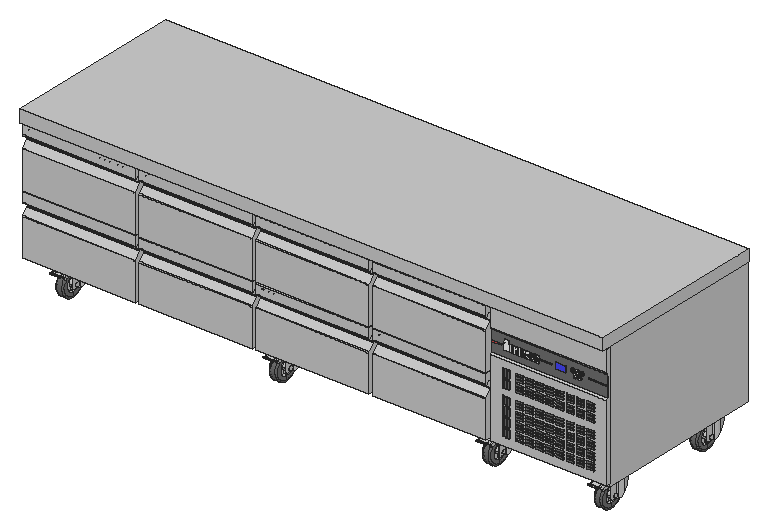
Revit family "QF_INOMAK_PWDP7777_250528083448", category Specialty Equipment, Revit 2021
Family settings
  Round Connector Dimension = Use Diameter
  Part Type = Normal
  OmniClass Number = 23.40.40.14
  OmniClass Title = Food Service Equipment
  Work Plane-Based = No
  Always vertical = Yes
  Cut with Voids When Loaded = No
  Shared = No
  Room Calculation Point = No
Parameters (values of type "PWDP7777")
  Weight [instance] = 158.00 kg
  Warranty Start Date [instance] = ""
  Warranty Duration [instance] = ""
  Volts [instance] = 230 V
  Volt Free Conn [instance] = no
  URL Recommended Spares List [instance] = ""
  URL Manufacturer [instance] = ""
  URL Cutsheet [instance] = ""
  URL Critical Spares List [instance] = ""
  URL = "www.inomak.com"
  Technical Documentation [instance] = ""
  Tag Number [instance] = ""
  Status [instance] = ""
  Start Up Current [instance] = 0 A
  Specification by User [instance] = ""
  Specification by Manufacturer [instance] = ""
  Sound Level [instance] = ""
  Show Logo [instance] = yes
  Show Clearances [instance] = yes
  Service Life Duration [instance] = ""
  Serial Number [instance] = ""
  Seismic Rating [instance] = ""
  SMACNA No [instance] = ""
  Revision Code [instance] = ""
  Revision [instance] = ""
  Production Year [instance] = ""
  Potential Equalisation [instance] = no
  Point Load [instance] = 0
  Phase [instance] = 1
  Other Equipment Approvals [instance] = ""
  Operational Current [instance] = 0 A
  Number of Poles [instance] = 2
  No Load Power Draw [instance] = no
  NAFEM Spec ID Number [instance] = ""
  Model Warning [instance] = ""
  Model = "PWDP7777"
  Min Ckt Ampacity [instance] = 0 A
  Max Overcurrent Protection [instance] = 10 A
  Masterspec [instance] = ""
  Manufacturer = "INOMAK"
  Main switch integrated [instance] = no
  Length Actual [instance] = 2242.058 mm
  Item Number [instance] = ""
  Installed By [instance] = ""
  Installation Date [instance] = ""
  Identify Quantity as Lot [instance] = no
  ID [instance] = ""
  Hygiene Approval [instance] = ""
  Height Actual [instance] = 643.128 mm
  HP power [instance] = ""
  Furnished By [instance] = ""
  Foodservice Equipment Identifier [instance] = no
  FL Amps [instance] = 1.49 A
  Electrical Remarks [instance] = ""
  Electric power [instance] = 340 W
  Electric Connection Type [instance] = ""
  Elec Conn RI Height [instance] = 0 mm
  Elec Conn Connection Height [instance] = 0 mm
  ETL Approved [instance] = no
  Description = "POPULUS CHEF’S BASE COUNTER WITH 4 GN 1/1 DOORS"
  Depth Actual [instance] = 700.024 mm
  Default Elevation = 0 mm
  Cycle [instance] = 50 Hz
  Cost = 0
  Connection to energy optimisation system [instance] = yes
  Conn Plug [instance] = ""
  Conn Conduit [instance] = no
  Centralized building control system with digital interface [instance] = ""
  CSI MasterFormat [instance] = ""
  CE Approved [instance] = no
  Barcode [instance] = 0
  Author [instance] = ""
  Asset Identifier [instance] = ""
  Apparent Power [instance] = 340 VA
  Accessory [instance] = no
Reference planes
  plane 1 "Center (Front/Back)": y = 0
  plane 2: z = 0
  plane 3 "Center (Left/Right)": x = 0
Forms (mm)
  Extrusion 1, solid, not visible
    sketch origin (1835.09, -100.005, 132.006) x (1, 0, 0) y (0, 1, 0)
      loop
        line (-2, 2) -> (-2, -2) -> (2, -2) -> (2, 2) -> (-2, 2)
    from -2 to 2
Dimensions and locks
  locked: nested 2 to Extrusion 1 at 2  (x2)
  aligned and locked: level to plane 2
Nested families
  nested 1: "QF_INOMAK_REF_BASE_COUNTERS_2240_2920" at (0, 0, 130), type "PWDP7777"
    with Weight 158.00 kg, Warranty Start Date "", Warranty Duration "", URL Cutsheet "", Technical Documentation "", Tag Number "", Status "", Specification by User "", Specification by Manufacturer "", Sound Level "", Solid Fuel Type "", Show Clearances yes, Show Clearance yes, Service Life Duration "", Serial Number "", Seismic Rating "", SMACNA No "", Revision Code "", Revision "", Production Year "", Point Load 0, Other Equipment Approvals "", NAFEM Spec ID Number "", Model Warning "", Masterspec "", Length Actual 2242.058 mm, Item Number "", Installed By "", Installation Date "", Identify Quantity as Lot yes, ID "", Hygiene Approval "", Height Actual 643.128 mm, Furnished By "", Foodservice Equipment Identifier yes, Finish none, ETL Approved yes, Depth Actual 700.024 mm, CSI MasterFormat "", CE Approved yes, Barcode "", Author "", Asset Identifier "", Accessory no
  nested 2: "CONN_POINT_ELE_2D___Generic_Annotation" at (1835.09, -100.005, 130.006), type "CONN_POINT_ELE_2D___Generic_Annotation"
    with Onboard connection annotation symbol visibility yes
  nested 3: "QF_INOMAK_REF_COUNTERS_DOORS_DRAWERS_6522" at (0, -700, 130), type "DW-2-483"
    with Weight 0.00 kg, Warranty Start Date "", Warranty Duration "", URL Cutsheet "", Top inset 10 mm, Technical Documentation "", Tag Number "", Status "", Specification by User "", Specification by Manufacturer "", Sound Level "", Solid Fuel Type "", Show Logo yes, Show Clearances yes, Service Life Duration "", Serial Number "", Seismic Rating "", SMACNA No "", Right panel thickness 0 mm, Revision Code "", Revision "", Rear inset 0 mm, Production Year "", Point Load 0, Plinth height 0 mm, Other Equipment Approvals "", NAFEM Spec ID Number "", Model Warning "", Masterspec "", Length Actual 435.102 mm, Left panel thickness 0 mm, Item Number "", Installed By "", Installation Date "", Identify Quantity as Lot yes, ID "", Hygiene Approval "", Height Actual 483.108 mm, Furnished By "", Front inset 10 mm, Foodservice Equipment Identifier yes, Finish none, ETL Approved yes, Doors drawers type 4, Depth Actual 80.01 mm, CSI MasterFormat "", CE Approved yes, Bottom inset 10 mm, Barcode "", Author "", Asset Identifier "", Accessory yes
  nested 4: "QF_INOMAK_REF_COUNTERS_DOORS_DRAWERS_16014" at (450, -700, 130), type "DW-2-483"
    with Weight 0.00 kg, Warranty Start Date "", Warranty Duration "", URL Cutsheet "", Top inset 10 mm, Technical Documentation "", Tag Number "", Status "", Specification by User "", Specification by Manufacturer "", Sound Level "", Solid Fuel Type "", Show Logo yes, Show Clearances yes, Service Life Duration "", Serial Number "", Seismic Rating "", SMACNA No "", Right panel thickness 0 mm, Revision Code "", Revision "", Rear inset 0 mm, Production Year "", Point Load 0, Plinth height 0 mm, Other Equipment Approvals "", NAFEM Spec ID Number "", Model Warning "", Masterspec "", Length Actual 435.102 mm, Left panel thickness 0 mm, Item Number "", Installed By "", Installation Date "", Identify Quantity as Lot yes, ID "", Hygiene Approval "", Height Actual 483.108 mm, Furnished By "", Front inset 10 mm, Foodservice Equipment Identifier yes, Finish none, ETL Approved yes, Doors drawers type 4, Depth Actual 80.01 mm, CSI MasterFormat "", CE Approved yes, Bottom inset 10 mm, Barcode "", Author "", Asset Identifier "", Accessory yes
  nested 5: "QF_INOMAK_REF_COUNTERS_DOORS_DRAWERS_25485" at (900, -700, 130), type "DW-2-483"
    with Weight 0.00 kg, Warranty Start Date "", Warranty Duration "", URL Cutsheet "", Top inset 10 mm, Technical Documentation "", Tag Number "", Status "", Specification by User "", Specification by Manufacturer "", Sound Level "", Solid Fuel Type "", Show Logo yes, Show Clearances yes, Service Life Duration "", Serial Number "", Seismic Rating "", SMACNA No "", Right panel thickness 0 mm, Revision Code "", Revision "", Rear inset 0 mm, Production Year "", Point Load 0, Plinth height 0 mm, Other Equipment Approvals "", NAFEM Spec ID Number "", Model Warning "", Masterspec "", Length Actual 435.102 mm, Left panel thickness 0 mm, Item Number "", Installed By "", Installation Date "", Identify Quantity as Lot yes, ID "", Hygiene Approval "", Height Actual 483.108 mm, Furnished By "", Front inset 10 mm, Foodservice Equipment Identifier yes, Finish none, ETL Approved yes, Doors drawers type 4, Depth Actual 80.01 mm, CSI MasterFormat "", CE Approved yes, Bottom inset 10 mm, Barcode "", Author "", Asset Identifier "", Accessory yes
  nested 6: "QF_INOMAK_REF_COUNTERS_DOORS_DRAWERS_34956" at (1350, -700, 130), type "DW-2-483"
    with Weight 0.00 kg, Warranty Start Date "", Warranty Duration "", URL Cutsheet "", Top inset 10 mm, Technical Documentation "", Tag Number "", Status "", Specification by User "", Specification by Manufacturer "", Sound Level "", Solid Fuel Type "", Show Logo yes, Show Clearances yes, Service Life Duration "", Serial Number "", Seismic Rating "", SMACNA No "", Right panel thickness 0 mm, Revision Code "", Revision "", Rear inset 0 mm, Production Year "", Point Load 0, Plinth height 0 mm, Other Equipment Approvals "", NAFEM Spec ID Number "", Model Warning "", Masterspec "", Length Actual 435.102 mm, Left panel thickness 0 mm, Item Number "", Installed By "", Installation Date "", Identify Quantity as Lot yes, ID "", Hygiene Approval "", Height Actual 483.108 mm, Furnished By "", Front inset 10 mm, Foodservice Equipment Identifier yes, Finish none, ETL Approved yes, Doors drawers type 4, Depth Actual 80.01 mm, CSI MasterFormat "", CE Approved yes, Bottom inset 10 mm, Barcode "", Author "", Asset Identifier "", Accessory yes
  nested 7: "QF_INOMAK_REF_COUNTERS_WORKTOPS_44427" at (0, 0, 612), type "WTWT-2240-700"
    with Worktop without backsplash yes, Worktop with backsplash no, Worktop type 3, Worktop thickness 46 mm, Without worktop no, Weight 0.00 kg, Warranty Start Date "", Warranty Duration "", URL Cutsheet "", Technical Documentation "", Tag Number "", Status "", Specification by User "", Specification by Manufacturer "", Sound Level "", Solid Fuel Type "", Show Logo yes, Show Clearances yes, Service Life Duration "", Serial Number "", Seismic Rating "", SMACNA No "", Revision Code "", Revision "", Production Year "", Point Load 0, Other Equipment Approvals "", NAFEM Spec ID Number "", Model Warning "", Masterspec "", Length Actual 2242.058 mm, Item Number "", Installed By "", Installation Date "", Identify Quantity as Lot yes, ID "", Hygiene Approval "", Height Actual 45.974 mm, Height AFF 0 mm, Furnished By "", Foodservice Equipment Identifier yes, Finish none, ETL Approved yes, Depth Actual 700.024 mm, CSI MasterFormat "", CE Approved yes, Barcode "", Backsplash thickness 20 mm, Backsplash height 60 mm, Author "", Asset Identifier "", Accessory yes
  nested 8: "QF_INOMAK_REF_COUNTERS_CASTORS_46256" at (0, 0, 0), type "CT-2240-700"
    with Weight 0.00 kg, Warranty Start Date "", Warranty Duration "", URL Cutsheet "", Technical Documentation "", Tag Number "", Status "", Specification by User "", Specification by Manufacturer "", Sound Level "", Solid Fuel Type "", Show Logo yes, Show Clearances yes, Service Life Duration "", Serial Number "", Seismic Rating "", SMACNA No "", Revision Code "", Revision "", Production Year "", Point Load 0, Other Equipment Approvals "", NAFEM Spec ID Number "", Model Warning "", Masterspec "", Length Actual 2242.058 mm, Item Number "", Installed By "", Installation Date "", Identify Quantity as Lot yes, ID "", Hygiene Approval "", Height Actual 130.048 mm, Furnished By "", Foodservice Equipment Identifier yes, ETL Approved yes, Depth Actual 700.024 mm, CSI MasterFormat "", CE Approved yes, Barcode "", Author "", Asset Identifier "", Accessory yes
Connectors
  electrical at (1835.09, -100.005, 130.006), driven by "Apparent Power", driven by "Number of Poles", driven by "Volts"
    settings: on Extrusion 1, index 1, voltage 230 V, apparent load 0 VA, apparent load phase1 340 VA, apparent load phase2 0 VA, apparent load phase3 0 VA, power factor 1, load classification "Other", number of poles 2, system type 31, power factor state 1, is connector primary yes, connector utility no, sub classification motor no, connector description "Electrical connection for PWDP7777"
Definition of nested family "QF_INOMAK_REF_BASE_COUNTERS_2240_2920"
  Parameters (values of type "PWDP7777")
    Weight [instance] = 0.00 kg
    Warranty Start Date [instance] = ""
    Warranty Duration [instance] = ""
    URL Cutsheet [instance] = ""
    URL = "www.inomak.com"
    Technical Documentation [instance] = ""
    Tag Number [instance] = ""
    Status [instance] = ""
    Specification by User [instance] = ""
    Specification by Manufacturer [instance] = ""
    Sound Level [instance] = ""
    Solid Fuel Type [instance] = ""
    Show Logo = yes
    Show Clearances [instance] = yes
    Show Clearance [instance] = yes
    Service Life Duration [instance] = ""
    Serial Number [instance] = ""
    Seismic Rating [instance] = ""
    SMACNA No [instance] = ""
    Revision Code [instance] = ""
    Revision [instance] = ""
    Production Year [instance] = ""
    Point Load [instance] = 0
    Other Equipment Approvals [instance] = ""
    NAFEM Spec ID Number [instance] = ""
    Model Warning [instance] = ""
    Model = "PWDP7777"
    Masterspec [instance] = ""
    Manufacturer = "INOMAK"
    Length Actual [instance] = 0 mm
    Length = 2242 mm
    Item Number [instance] = ""
    Installed By [instance] = ""
    Installation Date [instance] = ""
    Identify Quantity as Lot [instance] = yes
    ID [instance] = ""
    Hygiene Approval [instance] = ""
    Height Actual [instance] = 0 mm
    Height = 482 mm
    Furnished By [instance] = ""
    Foodservice Equipment Identifier [instance] = yes
    Finish [instance] = none
    ETL Approved [instance] = yes
    Description = "POPULUS CHEF’S BASE COUNTER WITH 4 GN 1/1 DOORS"
    Depth Actual [instance] = 0 mm
    Depth = 700 mm
    Default Elevation = 0 mm
    CSI MasterFormat [instance] = ""
    CE Approved [instance] = yes
    Barcode [instance] = ""
    Author [instance] = ""
    Asset Identifier [instance] = ""
    Assembly Code = "E1090320"
    Accessory [instance] = yes
  Reference planes
    plane 1 "Back": y = 0
    plane 2: z = 0
    plane 3 "Left": x = 0
    plane 4 "Right": x = 2242
    plane 5 "Front": y = -700
    plane 6 "Top": z = 482
  Forms (mm)
    Extrusion 1, solid, material <- "Finish"
      sketch origin (0, 0, 0) x (1, 0, 0) y (0, 1, 0)
        loop
          line (0, -648) -> (30, -648) -> (30, -30) -> (1767, -30) -> (1767, -648) -> (1797, -648) -> (1797, -665) -> (2242, -665) -> (2242, 0) -> (0, 0) -> (0, -648)
      from 0 to 482
    Extrusion 2, solid, material <- "Finish"
      sketch origin (0, 0, 0) x (1, 0, 0) y (0, 1, 0)
        loop
          line (30, -30) -> (30, -648) -> (1767, -648) -> (1767, -30) -> (30, -30)
      from 0 to 45
    Extrusion 3, solid, material <- "Finish"
      sketch origin (0, 0, 482) x (0, 1, 0) y (-1, 0, 0)
        loop
          line (-30, -30) -> (-648, -30) -> (-648, -1767) -> (-30, -1767) -> (-30, -30)
      from 0 to -30
    Extrusion 4, solid, material <- "Finish"
      sketch origin (2242, 0, 0) x (0, -1, 0) y (0, 0, 1)
        loop
          line (683.05, 477) -> (665, 477) -> (665, 10) -> (683.05, 10) -> (683.05, 304.058) -> (676.05, 311.058) -> (676.05, 390.864) -> (683.05, 397.864) -> (683.05, 477)
      from 0 to 445
    Extrusion 5, solid
      sketch origin (0, -700, 0) x (-1, 0, 0) y (0, 0, 1)
        loop
          circle (-2108.654, 358.73) r 6.965
        loop
          circle (-2125.685, 358.73) r 6.965
        loop
          circle (-2142.694, 358.73) r 6.965
        loop
          circle (-2117.18, 340.729) r 6.965
        loop
          circle (-2134.189, 340.729) r 6.965
        loop
          circle (-2108.654, 358.73) r 3.965
        loop
          circle (-2125.685, 358.73) r 3.965
        loop
          circle (-2142.694, 358.73) r 3.965
        loop
          circle (-2117.18, 340.729) r 3.965
        loop
          circle (-2134.189, 340.729) r 3.965
      from 23 to 25.5
    Extrusion 6, solid
      sketch origin (0, -700, 0) x (-1, 0, 0) y (0, 0, 1)
        loop
          line (-2080.865, 362.461) -> (-2080.865, 339.461) -> (-2040.865, 339.461) -> (-2040.865, 362.461) -> (-2080.865, 362.461)
      from 23 to 25.5
    Extrusion 7, solid
      sketch origin (0, -700, 0) x (-1, 0, 0) y (0, 0, 1)
        loop
          line (-1797, 390.864) -> (-2242, 390.864) -> (-2242, 311.058) -> (-1797, 311.058) -> (-1797, 390.864)
      from 23.5 to 25.5
    Extrusion 8, solid, visible <- "Show Logo"
      sketch origin (0, -700, 0) x (-1, 0, 0) y (0, 0, 1)
        loop
          line (-1841.061, 363.01) -> (-1847.061, 363.01) -> (-1847.061, 374.118) -> (-1861.298, 374.118) -> (-1861.298, 363.01) -> (-1867.298, 363.01) -> (-1867.298, 336.76) -> (-1841.061, 336.76) -> (-1841.061, 363.01)
        loop
          line (-1871.613, 362.698) -> (-1878.903, 362.698) -> (-1878.903, 336.76) -> (-1871.613, 336.76) -> (-1871.613, 362.698)
        loop
          line (-1881.422, 336.76) -> (-1881.422, 362.698) -> (-1888.256, 362.698) -> (-1891.449, 350.78) -> (-1891.449, 362.698) -> (-1897.982, 362.698) -> (-1897.982, 336.76) -> (-1891.449, 336.76) -> (-1887.735, 350.623) -> (-1887.735, 336.76) -> (-1881.422, 336.76)
        loop
          line (-1918.664, 336.76) -> (-1918.664, 362.698) -> (-1927.626, 362.698) -> (-1929.988, 348.688) -> (-1932.35, 362.698) -> (-1941.312, 362.698) -> (-1941.312, 336.76) -> (-1934.687, 336.76) -> (-1934.687, 350.623) -> (-1932.35, 336.76) -> (-1927.626, 336.76) -> (-1925.289, 350.623) -> (-1925.289, 336.76) -> (-1918.664, 336.76)
        loop
          line (-1903.851, 362.698) -> (-1913.176, 362.698)
          arc (-1913.176, 362.698) -> (-1915.773, 361.622) -> (-1916.849, 359.026) r 3.672
          line (-1916.849, 359.026) -> (-1916.849, 340.433)
          arc (-1916.849, 340.433) -> (-1915.773, 337.836) -> (-1913.176, 336.76) r 3.672
          line (-1913.176, 336.76) -> (-1903.851, 336.76)
          arc (-1903.851, 336.76) -> (-1901.255, 337.836) -> (-1900.179, 340.433) r 3.672
          line (-1900.179, 340.433) -> (-1900.179, 359.026)
          arc (-1900.179, 359.026) -> (-1901.255, 361.622) -> (-1903.851, 362.698) r 3.672
        loop
          arc (-1907.487, 359.542) -> (-1908.514, 360.569) -> (-1909.541, 359.542) r 1.027
          line (-1909.541, 359.542) -> (-1909.541, 340.949)
          arc (-1909.541, 340.949) -> (-1908.514, 339.922) -> (-1907.487, 340.949) r 1.027
          line (-1907.487, 340.949) -> (-1907.487, 359.542)
        loop
          line (-1942.382, 336.76) -> (-1946.755, 362.698) -> (-1955.615, 362.698) -> (-1959.988, 336.76) -> (-1953.461, 336.76) -> (-1952.852, 341.723) -> (-1949.518, 341.723) -> (-1948.909, 336.76) -> (-1942.382, 336.76)
        loop
          line (-1950.074, 346.252) -> (-1951.185, 355.299) -> (-1952.296, 346.252) -> (-1950.074, 346.252)
        loop
          line (-1960.954, 336.76) -> (-1960.954, 362.698) -> (-1967.579, 362.698) -> (-1967.579, 353.585) -> (-1970.365, 362.698) -> (-1977.803, 362.698) -> (-1973.474, 351.422) -> (-1978.522, 336.76) -> (-1970.939, 336.76) -> (-1967.579, 349.3) -> (-1967.579, 336.76) -> (-1960.954, 336.76)
      from 23 to 25.5
    Extrusion 9, solid
      sketch origin (0, -700, 0) x (-1, 0, 0) y (0, 0, 1)
        loop
          line (-1797, 352.961) -> (-1833.995, 352.961) -> (-1833.995, 348.961) -> (-1797, 348.961) -> (-1797, 352.961)
        loop
          line (-1982, 352.961) -> (-2026.365, 352.961) -> (-2026.365, 348.961) -> (-1982, 348.961) -> (-1982, 352.961)
        loop
          line (-2242, 352.961) -> (-2242, 348.961) -> (-2168.755, 348.961) -> (-2168.755, 352.961) -> (-2242, 352.961)
      from 23 to 25.5
  Cuts and joins
    joined: Extrusion 1, Extrusion 2, Extrusion 3
  Lines and regions (mm)
    symbolic lines, visible <- "Show Clearance"
      curve 1: line (0, 0, 0) -> (2242, 0, 0)
      curve 2: line (2242, 0, 0) -> (2242, -700, 0)
      curve 3: line (2242, -700, 0) -> (0, -700, 0)
      curve 4: line (0, -700, 0) -> (0, 0, 0)
  Dimensions and locks
    "Length": plane 3 "Left" to plane 4 "Right"
    "Depth": plane 5 "Front" to plane 1 "Back"
    "Height": plane 6 "Top" to plane 2
    aligned and locked: level to plane 2
    aligned and locked: plane 6 "Top" to Extrusion 1
    aligned and locked: nested 1 to plane 4 "Right"
    aligned and locked: plane 5 "Front" to nested 1
    aligned and locked: plane 5 "Front" to curve 3
  Automatic sketch dimensions
    plane 3 "Left" to Extrusion 2 sketch curve = 30 mm
    plane 4 "Right" to Extrusion 2 sketch curve = 475 mm
    plane 1 "Back" to Extrusion 2 sketch curve = 30 mm
    plane 1 "Back" to Extrusion 3 sketch curve = 30 mm
    plane 4 "Right" to Extrusion 3 sketch curve = 475 mm
    plane 3 "Left" to Extrusion 3 sketch curve = 30 mm
    Extrusion 1 sketch curve to plane 3 "Left" = 0 mm
    plane 1 "Back" to Extrusion 1 sketch curve = 0 mm
    Extrusion 1 sketch curve to plane 4 "Right" = 0 mm
    plane 3 "Left" to Extrusion 1 sketch curve = 30 mm
    plane 1 "Back" to Extrusion 1 sketch curve = 30 mm
    plane 4 "Right" to Extrusion 1 sketch curve = 475 mm
    Extrusion 1 sketch curve to Extrusion 1 sketch curve = 30 mm
    plane 5 "Front" to Extrusion 1 sketch curve = 35 mm
    plane 5 "Front" to Extrusion 1 sketch curve = 52 mm
    Extrusion 1 sketch curve to Extrusion 1 sketch curve = 17 mm
    plane 5 "Front" to Extrusion 2 sketch curve = 52 mm
    plane 5 "Front" to Extrusion 3 sketch curve = 52 mm
    Extrusion 4 sketch curve to plane 6 "Top" = 5 mm
    plane 5 "Front" to Extrusion 4 sketch curve = 35 mm
    plane 5 "Front" to Extrusion 4 sketch curve = 23.95 mm
    Extrusion 4 sketch curve to Extrusion 4 sketch curve = 7 mm  (x4)
    Extrusion 4 sketch curve to Extrusion 4 sketch curve = 79.136 mm
    Extrusion 4 sketch curve to Extrusion 4 sketch curve = 79.807 mm
    level to Extrusion 4 sketch curve = 10 mm
    Extrusion 5 sketch curve to Extrusion 5 sketch curve = 0 mm  (x13)
    plane 4 "Right" to Extrusion 5 sketch curve = 99.306 mm
    Extrusion 5 sketch curve to Extrusion 5 sketch curve = 8.505 mm
    Extrusion 5 sketch curve to Extrusion 5 sketch curve = 17.009 mm  (x2)
    Extrusion 5 sketch curve to Extrusion 5 sketch curve = 17.03 mm
    Extrusion 5 sketch curve to plane 6 "Top" = 141.271 mm
    Extrusion 5 sketch curve to Extrusion 5 sketch curve = 18.001 mm
    plane 4 "Right" to Extrusion 6 sketch curve = 161.135 mm
    Extrusion 6 sketch curve to Extrusion 6 sketch curve = 40 mm
    Extrusion 6 sketch curve to plane 6 "Top" = 142.539 mm
    Extrusion 6 sketch curve to Extrusion 6 sketch curve = 23 mm
    plane 4 "Right" to Extrusion 7 sketch curve = 0 mm
    Extrusion 7 sketch curve to plane 6 "Top" = 170.942 mm
    plane 4 "Right" to Extrusion 7 sketch curve = 445 mm
    Extrusion 7 sketch curve to Extrusion 7 sketch curve = 79.807 mm
    plane 4 "Right" to Extrusion 8 sketch curve = 263.478 mm
    Extrusion 8 sketch curve to Extrusion 8 sketch curve = 0.72 mm
    Extrusion 8 sketch curve to plane 6 "Top" = 130.578 mm
    Extrusion 8 sketch curve to Extrusion 8 sketch curve = 4.329 mm
    Extrusion 8 sketch curve to Extrusion 8 sketch curve = 7.584 mm
    Extrusion 8 sketch curve to plane 6 "Top" = 119.302 mm  (x2)
    Extrusion 8 sketch curve to Extrusion 8 sketch curve = 7.438 mm
    Extrusion 8 sketch curve to plane 6 "Top" = 132.7 mm
    Extrusion 8 sketch curve to Extrusion 8 sketch curve = 5.895 mm
    Extrusion 8 sketch curve to plane 6 "Top" = 128.415 mm
    Extrusion 8 sketch curve to Extrusion 8 sketch curve = 0 mm  (x11)
    Extrusion 8 sketch curve to Extrusion 8 sketch curve = 6.625 mm  (x2)
    Extrusion 8 sketch curve to Extrusion 8 sketch curve = 0.965 mm
    Extrusion 8 sketch curve to Extrusion 8 sketch curve = 5.338 mm
    Extrusion 8 sketch curve to Extrusion 8 sketch curve = 6.527 mm  (x2)
    Extrusion 8 sketch curve to plane 6 "Top" = 140.277 mm
    Extrusion 8 sketch curve to Extrusion 8 sketch curve = 0.609 mm
    Extrusion 8 sketch curve to plane 6 "Top" = 135.748 mm
    Extrusion 8 sketch curve to Extrusion 8 sketch curve = 0.556 mm
    Extrusion 8 sketch curve to plane 6 "Top" = 126.701 mm
    Extrusion 8 sketch curve to Extrusion 8 sketch curve = 4.43 mm  (x2)
    Extrusion 8 sketch curve to Extrusion 8 sketch curve = 2.222 mm
    Extrusion 8 sketch curve to Extrusion 8 sketch curve = 3.334 mm
    Extrusion 8 sketch curve to Extrusion 8 sketch curve = 4.552 mm
    Extrusion 8 sketch curve to plane 6 "Top" = 145.24 mm  (x2)
    Extrusion 8 sketch curve to Extrusion 8 sketch curve = 1.069 mm
    Extrusion 8 sketch curve to plane 6 "Top" = 131.377 mm  (x2)
    Extrusion 8 sketch curve to Extrusion 8 sketch curve = 8.962 mm  (x2)
    Extrusion 8 sketch curve to Extrusion 8 sketch curve = 2.337 mm
    Extrusion 8 sketch curve to plane 6 "Top" = 133.312 mm
    Extrusion 8 sketch curve to Extrusion 8 sketch curve = 4.699 mm  (x2)
    Extrusion 8 sketch curve to Extrusion 8 sketch curve = 4.724 mm  (x2)
    Extrusion 8 sketch curve to Extrusion 8 sketch curve = 1.815 mm
    Extrusion 8 sketch curve to Extrusion 8 sketch curve = 3.672 mm  (x8)
    Extrusion 8 sketch curve to Extrusion 8 sketch curve = 3.636 mm  (x3)
    Extrusion 8 sketch curve to Extrusion 8 sketch curve = 1.027 mm
    Extrusion 8 sketch curve to Extrusion 8 sketch curve = 2.197 mm
    Extrusion 8 sketch curve to Extrusion 8 sketch curve = 6.532 mm  (x2)
    Extrusion 8 sketch curve to Extrusion 8 sketch curve = 3.194 mm
    Extrusion 8 sketch curve to Extrusion 8 sketch curve = 3.714 mm
    Extrusion 8 sketch curve to Extrusion 8 sketch curve = 6.313 mm
    Extrusion 8 sketch curve to Extrusion 8 sketch curve = 2.52 mm
    Extrusion 8 sketch curve to Extrusion 8 sketch curve = 7.29 mm
    Extrusion 8 sketch curve to Extrusion 8 sketch curve = 4.315 mm
    Extrusion 8 sketch curve to Extrusion 8 sketch curve = 6 mm
    Extrusion 8 sketch curve to Extrusion 8 sketch curve = 14.237 mm
    Extrusion 8 sketch curve to Extrusion 8 sketch curve = 26.237 mm
    Extrusion 8 sketch curve to Extrusion 8 sketch curve = 14.661 mm
    Extrusion 8 sketch curve to Extrusion 8 sketch curve = 4.963 mm
    Extrusion 8 sketch curve to Extrusion 8 sketch curve = 0.516 mm  (x2)
    Extrusion 8 sketch curve to Extrusion 8 sketch curve = 13.862 mm
    Extrusion 8 sketch curve to Extrusion 8 sketch curve = 0.157 mm
    Extrusion 8 sketch curve to Extrusion 8 sketch curve = 26.25 mm
    Extrusion 8 sketch curve to Extrusion 8 sketch curve = 0.312 mm
    Extrusion 8 sketch curve to Extrusion 8 sketch curve = 11.107 mm
    plane 4 "Right" to Extrusion 9 sketch curve = 0 mm
    plane 4 "Right" to Extrusion 9 sketch curve = 73.245 mm
    Extrusion 9 sketch curve to Extrusion 9 sketch curve = 142.39 mm
    Extrusion 9 sketch curve to Extrusion 9 sketch curve = 44.365 mm
    Extrusion 9 sketch curve to Extrusion 9 sketch curve = 148.005 mm
    Extrusion 9 sketch curve to Extrusion 9 sketch curve = 36.995 mm
    Extrusion 9 sketch curve to plane 6 "Top" = 133.039 mm  (x3)
    Extrusion 9 sketch curve to Extrusion 9 sketch curve = 4 mm  (x3)
    plane 1 "Back" to curve 1 = 0 mm
    curve 1 to plane 3 "Left" = 0 mm
    curve 2 to plane 4 "Right" = 0 mm
    radius of Extrusion 5 sketch curve = 6.965 mm  (x5)
    radius of Extrusion 5 sketch curve = 3.965 mm  (x5)
  Nested families
    nested 1: "QF_INOMAK_CONRTOL-PANEL" at (2242, 0, -40), type "PNRP9999"
      with Show Clearance yes
  Definition of nested family "QF_INOMAK_CONRTOL-PANEL"
    Parameters (values of type "PNRP9999")
      URL = ""
      Show Logo = yes
      Show Clearance [instance] = yes
      Model = ""
      Manufacturer = ""
      Length = 0 mm
      Height = 710 mm
      Front offset = 80 mm
      Description = ""
      Depth = 700 mm
      Default Elevation = 0 mm
      Assembly Code = ""
    Reference planes
      plane 1 "Back": y = 0
      plane 2: z = 0
      plane 3 "Left": x = 0
      plane 4 "Right": x = 0
      plane 5 "Front": y = -700
      plane 6 "Top": z = 710
      plane 7 "Front offset": y = -620
    Forms (mm)
      Extrusion 1, solid
        sketch origin (-2240, -700, 0) x (-1, 0, 0) y (0, 0, 1)
          loop
            arc (-2191.4, 315.855) -> (-2194.4, 312.855) -> (-2191.4, 309.855) r 3
            line (-2191.4, 309.855) -> (-2167.4, 309.855)
            arc (-2167.4, 309.855) -> (-2164.4, 312.855) -> (-2167.4, 315.855) r 3
            line (-2167.4, 315.855) -> (-2191.4, 315.855)
          loop
            arc (-2152.4, 315.855) -> (-2155.4, 312.855) -> (-2152.4, 309.855) r 3
            line (-2152.4, 309.855) -> (-2128.4, 309.855)
            arc (-2128.4, 309.855) -> (-2125.4, 312.855) -> (-2128.4, 315.855) r 3
            line (-2128.4, 315.855) -> (-2152.4, 315.855)
          loop
            arc (-2113.4, 315.855) -> (-2116.4, 312.855) -> (-2113.4, 309.855) r 3
            line (-2113.4, 309.855) -> (-2089.4, 309.855)
            arc (-2089.4, 309.855) -> (-2086.4, 312.855) -> (-2089.4, 315.855) r 3
            line (-2089.4, 315.855) -> (-2113.4, 315.855)
          loop
            arc (-2074.4, 315.855) -> (-2077.4, 312.855) -> (-2074.4, 309.855) r 3
            line (-2074.4, 309.855) -> (-2050.4, 309.855)
            arc (-2050.4, 309.855) -> (-2047.4, 312.855) -> (-2050.4, 315.855) r 3
            line (-2050.4, 315.855) -> (-2074.4, 315.855)
          loop
            arc (-2035.4, 315.855) -> (-2038.4, 312.855) -> (-2035.4, 309.855) r 3
            line (-2035.4, 309.855) -> (-2011.4, 309.855)
            arc (-2011.4, 309.855) -> (-2008.4, 312.855) -> (-2011.4, 315.855) r 3
            line (-2011.4, 315.855) -> (-2035.4, 315.855)
          loop
            arc (-1996.4, 315.855) -> (-1999.4, 312.855) -> (-1996.4, 309.855) r 3
            line (-1996.4, 309.855) -> (-1972.4, 309.855)
            arc (-1972.4, 309.855) -> (-1969.4, 312.855) -> (-1972.4, 315.855) r 3
            line (-1972.4, 315.855) -> (-1996.4, 315.855)
          loop
            arc (-1957.4, 315.855) -> (-1960.4, 312.855) -> (-1957.4, 309.855) r 3
            line (-1957.4, 309.855) -> (-1933.4, 309.855)
            arc (-1933.4, 309.855) -> (-1930.4, 312.855) -> (-1933.4, 315.855) r 3
            line (-1933.4, 315.855) -> (-1957.4, 315.855)
          loop
            arc (-1918.4, 315.855) -> (-1921.4, 312.855) -> (-1918.4, 309.855) r 3
            line (-1918.4, 309.855) -> (-1894.4, 309.855)
            arc (-1894.4, 309.855) -> (-1891.4, 312.855) -> (-1894.4, 315.855) r 3
            line (-1894.4, 315.855) -> (-1918.4, 315.855)
          loop
            arc (-2191.4, 304.855) -> (-2194.4, 301.855) -> (-2191.4, 298.855) r 3
            line (-2191.4, 298.855) -> (-2167.4, 298.855)
            arc (-2167.4, 298.855) -> (-2164.4, 301.855) -> (-2167.4, 304.855) r 3
            line (-2167.4, 304.855) -> (-2191.4, 304.855)
          loop
            arc (-2152.4, 304.855) -> (-2155.4, 301.855) -> (-2152.4, 298.855) r 3
            line (-2152.4, 298.855) -> (-2128.4, 298.855)
            arc (-2128.4, 298.855) -> (-2125.4, 301.855) -> (-2128.4, 304.855) r 3
            line (-2128.4, 304.855) -> (-2152.4, 304.855)
          loop
            arc (-2113.4, 304.855) -> (-2116.4, 301.855) -> (-2113.4, 298.855) r 3
            line (-2113.4, 298.855) -> (-2089.4, 298.855)
            arc (-2089.4, 298.855) -> (-2086.4, 301.855) -> (-2089.4, 304.855) r 3
            line (-2089.4, 304.855) -> (-2113.4, 304.855)
          loop
            arc (-2074.4, 304.855) -> (-2077.4, 301.855) -> (-2074.4, 298.855) r 3
            line (-2074.4, 298.855) -> (-2050.4, 298.855)
            arc (-2050.4, 298.855) -> (-2047.4, 301.855) -> (-2050.4, 304.855) r 3
            line (-2050.4, 304.855) -> (-2074.4, 304.855)
          loop
            arc (-2035.4, 304.855) -> (-2038.4, 301.855) -> (-2035.4, 298.855) r 3
            line (-2035.4, 298.855) -> (-2011.4, 298.855)
            arc (-2011.4, 298.855) -> (-2008.4, 301.855) -> (-2011.4, 304.855) r 3
            line (-2011.4, 304.855) -> (-2035.4, 304.855)
          loop
            arc (-1996.4, 304.855) -> (-1999.4, 301.855) -> (-1996.4, 298.855) r 3
            line (-1996.4, 298.855) -> (-1972.4, 298.855)
            arc (-1972.4, 298.855) -> (-1969.4, 301.855) -> (-1972.4, 304.855) r 3
            line (-1972.4, 304.855) -> (-1996.4, 304.855)
          loop
            arc (-1957.4, 304.855) -> (-1960.4, 301.855) -> (-1957.4, 298.855) r 3
            line (-1957.4, 298.855) -> (-1933.4, 298.855)
            arc (-1933.4, 298.855) -> (-1930.4, 301.855) -> (-1933.4, 304.855) r 3
            line (-1933.4, 304.855) -> (-1957.4, 304.855)
          loop
            arc (-1918.4, 304.855) -> (-1921.4, 301.855) -> (-1918.4, 298.855) r 3
            line (-1918.4, 298.855) -> (-1894.4, 298.855)
            arc (-1894.4, 298.855) -> (-1891.4, 301.855) -> (-1894.4, 304.855) r 3
            line (-1894.4, 304.855) -> (-1918.4, 304.855)
          loop
            arc (-2191.4, 293.855) -> (-2194.4, 290.855) -> (-2191.4, 287.855) r 3
            line (-2191.4, 287.855) -> (-2167.4, 287.855)
            arc (-2167.4, 287.855) -> (-2164.4, 290.855) -> (-2167.4, 293.855) r 3
            line (-2167.4, 293.855) -> (-2191.4, 293.855)
          loop
            arc (-2152.4, 293.855) -> (-2155.4, 290.855) -> (-2152.4, 287.855) r 3
            line (-2152.4, 287.855) -> (-2128.4, 287.855)
            arc (-2128.4, 287.855) -> (-2125.4, 290.855) -> (-2128.4, 293.855) r 3
            line (-2128.4, 293.855) -> (-2152.4, 293.855)
          loop
            arc (-2113.4, 293.855) -> (-2116.4, 290.855) -> (-2113.4, 287.855) r 3
            line (-2113.4, 287.855) -> (-2089.4, 287.855)
            arc (-2089.4, 287.855) -> (-2086.4, 290.855) -> (-2089.4, 293.855) r 3
            line (-2089.4, 293.855) -> (-2113.4, 293.855)
          loop
            arc (-2074.4, 293.855) -> (-2077.4, 290.855) -> (-2074.4, 287.855) r 3
            line (-2074.4, 287.855) -> (-2050.4, 287.855)
            arc (-2050.4, 287.855) -> (-2047.4, 290.855) -> (-2050.4, 293.855) r 3
            line (-2050.4, 293.855) -> (-2074.4, 293.855)
          loop
            arc (-2035.4, 293.855) -> (-2038.4, 290.855) -> (-2035.4, 287.855) r 3
            line (-2035.4, 287.855) -> (-2011.4, 287.855)
            arc (-2011.4, 287.855) -> (-2008.4, 290.855) -> (-2011.4, 293.855) r 3
            line (-2011.4, 293.855) -> (-2035.4, 293.855)
          loop
            arc (-1996.4, 293.855) -> (-1999.4, 290.855) -> (-1996.4, 287.855) r 3
            line (-1996.4, 287.855) -> (-1972.4, 287.855)
            arc (-1972.4, 287.855) -> (-1969.4, 290.855) -> (-1972.4, 293.855) r 3
            line (-1972.4, 293.855) -> (-1996.4, 293.855)
          loop
            arc (-1957.4, 293.855) -> (-1960.4, 290.855) -> (-1957.4, 287.855) r 3
            line (-1957.4, 287.855) -> (-1933.4, 287.855)
            arc (-1933.4, 287.855) -> (-1930.4, 290.855) -> (-1933.4, 293.855) r 3
            line (-1933.4, 293.855) -> (-1957.4, 293.855)
          loop
            arc (-1918.4, 293.855) -> (-1921.4, 290.855) -> (-1918.4, 287.855) r 3
            line (-1918.4, 287.855) -> (-1894.4, 287.855)
            arc (-1894.4, 287.855) -> (-1891.4, 290.855) -> (-1894.4, 293.855) r 3
            line (-1894.4, 293.855) -> (-1918.4, 293.855)
          loop
            arc (-2191.4, 278.855) -> (-2194.4, 275.855) -> (-2191.4, 272.855) r 3
            line (-2191.4, 272.855) -> (-2167.4, 272.855)
            arc (-2167.4, 272.855) -> (-2164.4, 275.855) -> (-2167.4, 278.855) r 3
            line (-2167.4, 278.855) -> (-2191.4, 278.855)
          loop
            arc (-2152.4, 278.855) -> (-2155.4, 275.855) -> (-2152.4, 272.855) r 3
            line (-2152.4, 272.855) -> (-2128.4, 272.855)
            arc (-2128.4, 272.855) -> (-2125.4, 275.855) -> (-2128.4, 278.855) r 3
            line (-2128.4, 278.855) -> (-2152.4, 278.855)
          loop
            arc (-2113.4, 278.855) -> (-2116.4, 275.855) -> (-2113.4, 272.855) r 3
            line (-2113.4, 272.855) -> (-2089.4, 272.855)
            arc (-2089.4, 272.855) -> (-2086.4, 275.855) -> (-2089.4, 278.855) r 3
            line (-2089.4, 278.855) -> (-2113.4, 278.855)
          loop
            arc (-2074.4, 278.855) -> (-2077.4, 275.855) -> (-2074.4, 272.855) r 3
            line (-2074.4, 272.855) -> (-2050.4, 272.855)
            arc (-2050.4, 272.855) -> (-2047.4, 275.855) -> (-2050.4, 278.855) r 3
            line (-2050.4, 278.855) -> (-2074.4, 278.855)
          loop
            arc (-2035.4, 278.855) -> (-2038.4, 275.855) -> (-2035.4, 272.855) r 3
            line (-2035.4, 272.855) -> (-2011.4, 272.855)
            arc (-2011.4, 272.855) -> (-2008.4, 275.855) -> (-2011.4, 278.855) r 3
            line (-2011.4, 278.855) -> (-2035.4, 278.855)
          loop
            arc (-1996.4, 278.855) -> (-1999.4, 275.855) -> (-1996.4, 272.855) r 3
            line (-1996.4, 272.855) -> (-1972.4, 272.855)
            arc (-1972.4, 272.855) -> (-1969.4, 275.855) -> (-1972.4, 278.855) r 3
            line (-1972.4, 278.855) -> (-1996.4, 278.855)
          loop
            arc (-1957.4, 278.855) -> (-1960.4, 275.855) -> (-1957.4, 272.855) r 3
            line (-1957.4, 272.855) -> (-1933.4, 272.855)
            arc (-1933.4, 272.855) -> (-1930.4, 275.855) -> (-1933.4, 278.855) r 3
            line (-1933.4, 278.855) -> (-1957.4, 278.855)
          loop
            arc (-1918.4, 278.855) -> (-1921.4, 275.855) -> (-1918.4, 272.855) r 3
            line (-1918.4, 272.855) -> (-1894.4, 272.855)
            arc (-1894.4, 272.855) -> (-1891.4, 275.855) -> (-1894.4, 278.855) r 3
            line (-1894.4, 278.855) -> (-1918.4, 278.855)
          loop
            arc (-2191.4, 267.855) -> (-2194.4, 264.855) -> (-2191.4, 261.855) r 3
            line (-2191.4, 261.855) -> (-2167.4, 261.855)
            arc (-2167.4, 261.855) -> (-2164.4, 264.855) -> (-2167.4, 267.855) r 3
            line (-2167.4, 267.855) -> (-2191.4, 267.855)
          loop
            arc (-2152.4, 267.855) -> (-2155.4, 264.855) -> (-2152.4, 261.855) r 3
            line (-2152.4, 261.855) -> (-2128.4, 261.855)
            arc (-2128.4, 261.855) -> (-2125.4, 264.855) -> (-2128.4, 267.855) r 3
            line (-2128.4, 267.855) -> (-2152.4, 267.855)
          loop
            arc (-2113.4, 267.855) -> (-2116.4, 264.855) -> (-2113.4, 261.855) r 3
            line (-2113.4, 261.855) -> (-2089.4, 261.855)
            arc (-2089.4, 261.855) -> (-2086.4, 264.855) -> (-2089.4, 267.855) r 3
            line (-2089.4, 267.855) -> (-2113.4, 267.855)
          loop
            arc (-2074.4, 267.855) -> (-2077.4, 264.855) -> (-2074.4, 261.855) r 3
            line (-2074.4, 261.855) -> (-2050.4, 261.855)
            arc (-2050.4, 261.855) -> (-2047.4, 264.855) -> (-2050.4, 267.855) r 3
            line (-2050.4, 267.855) -> (-2074.4, 267.855)
          loop
            arc (-2035.4, 267.855) -> (-2038.4, 264.855) -> (-2035.4, 261.855) r 3
            line (-2035.4, 261.855) -> (-2011.4, 261.855)
            arc (-2011.4, 261.855) -> (-2008.4, 264.855) -> (-2011.4, 267.855) r 3
            line (-2011.4, 267.855) -> (-2035.4, 267.855)
          loop
            arc (-1996.4, 267.855) -> (-1999.4, 264.855) -> (-1996.4, 261.855) r 3
            line (-1996.4, 261.855) -> (-1972.4, 261.855)
            arc (-1972.4, 261.855) -> (-1969.4, 264.855) -> (-1972.4, 267.855) r 3
            line (-1972.4, 267.855) -> (-1996.4, 267.855)
          loop
            arc (-1957.4, 267.855) -> (-1960.4, 264.855) -> (-1957.4, 261.855) r 3
            line (-1957.4, 261.855) -> (-1933.4, 261.855)
            arc (-1933.4, 261.855) -> (-1930.4, 264.855) -> (-1933.4, 267.855) r 3
            line (-1933.4, 267.855) -> (-1957.4, 267.855)
          loop
            arc (-1918.4, 267.855) -> (-1921.4, 264.855) -> (-1918.4, 261.855) r 3
            line (-1918.4, 261.855) -> (-1894.4, 261.855)
            arc (-1894.4, 261.855) -> (-1891.4, 264.855) -> (-1894.4, 267.855) r 3
            line (-1894.4, 267.855) -> (-1918.4, 267.855)
          loop
            arc (-2191.4, 256.855) -> (-2194.4, 253.855) -> (-2191.4, 250.855) r 3
            line (-2191.4, 250.855) -> (-2167.4, 250.855)
            arc (-2167.4, 250.855) -> (-2164.4, 253.855) -> (-2167.4, 256.855) r 3
            line (-2167.4, 256.855) -> (-2191.4, 256.855)
          loop
            arc (-2152.4, 256.855) -> (-2155.4, 253.855) -> (-2152.4, 250.855) r 3
            line (-2152.4, 250.855) -> (-2128.4, 250.855)
            arc (-2128.4, 250.855) -> (-2125.4, 253.855) -> (-2128.4, 256.855) r 3
            line (-2128.4, 256.855) -> (-2152.4, 256.855)
          loop
            arc (-2113.4, 256.855) -> (-2116.4, 253.855) -> (-2113.4, 250.855) r 3
            line (-2113.4, 250.855) -> (-2089.4, 250.855)
            arc (-2089.4, 250.855) -> (-2086.4, 253.855) -> (-2089.4, 256.855) r 3
            line (-2089.4, 256.855) -> (-2113.4, 256.855)
          loop
            arc (-2074.4, 256.855) -> (-2077.4, 253.855) -> (-2074.4, 250.855) r 3
            line (-2074.4, 250.855) -> (-2050.4, 250.855)
            arc (-2050.4, 250.855) -> (-2047.4, 253.855) -> (-2050.4, 256.855) r 3
            line (-2050.4, 256.855) -> (-2074.4, 256.855)
          loop
            arc (-2035.4, 256.855) -> (-2038.4, 253.855) -> (-2035.4, 250.855) r 3
            line (-2035.4, 250.855) -> (-2011.4, 250.855)
            arc (-2011.4, 250.855) -> (-2008.4, 253.855) -> (-2011.4, 256.855) r 3
            line (-2011.4, 256.855) -> (-2035.4, 256.855)
          loop
            arc (-1996.4, 256.855) -> (-1999.4, 253.855) -> (-1996.4, 250.855) r 3
            line (-1996.4, 250.855) -> (-1972.4, 250.855)
            arc (-1972.4, 250.855) -> (-1969.4, 253.855) -> (-1972.4, 256.855) r 3
            line (-1972.4, 256.855) -> (-1996.4, 256.855)
          loop
            arc (-1957.4, 256.855) -> (-1960.4, 253.855) -> (-1957.4, 250.855) r 3
            line (-1957.4, 250.855) -> (-1933.4, 250.855)
            arc (-1933.4, 250.855) -> (-1930.4, 253.855) -> (-1933.4, 256.855) r 3
            line (-1933.4, 256.855) -> (-1957.4, 256.855)
          loop
            arc (-1918.4, 256.855) -> (-1921.4, 253.855) -> (-1918.4, 250.855) r 3
            line (-1918.4, 250.855) -> (-1894.4, 250.855)
            arc (-1894.4, 250.855) -> (-1891.4, 253.855) -> (-1894.4, 256.855) r 3
            line (-1894.4, 256.855) -> (-1918.4, 256.855)
          loop
            arc (-2191.4, 221.855) -> (-2194.4, 218.855) -> (-2191.4, 215.855) r 3
            line (-2191.4, 215.855) -> (-2167.4, 215.855)
            arc (-2167.4, 215.855) -> (-2164.4, 218.855) -> (-2167.4, 221.855) r 3
            line (-2167.4, 221.855) -> (-2191.4, 221.855)
          loop
            arc (-2152.4, 221.855) -> (-2155.4, 218.855) -> (-2152.4, 215.855) r 3
            line (-2152.4, 215.855) -> (-2128.4, 215.855)
            arc (-2128.4, 215.855) -> (-2125.4, 218.855) -> (-2128.4, 221.855) r 3
            line (-2128.4, 221.855) -> (-2152.4, 221.855)
          loop
            arc (-2113.4, 221.855) -> (-2116.4, 218.855) -> (-2113.4, 215.855) r 3
            line (-2113.4, 215.855) -> (-2089.4, 215.855)
            arc (-2089.4, 215.855) -> (-2086.4, 218.855) -> (-2089.4, 221.855) r 3
            line (-2089.4, 221.855) -> (-2113.4, 221.855)
          loop
            arc (-2074.4, 221.855) -> (-2077.4, 218.855) -> (-2074.4, 215.855) r 3
            line (-2074.4, 215.855) -> (-2050.4, 215.855)
            arc (-2050.4, 215.855) -> (-2047.4, 218.855) -> (-2050.4, 221.855) r 3
            line (-2050.4, 221.855) -> (-2074.4, 221.855)
          loop
            arc (-2035.4, 221.855) -> (-2038.4, 218.855) -> (-2035.4, 215.855) r 3
            line (-2035.4, 215.855) -> (-2011.4, 215.855)
            arc (-2011.4, 215.855) -> (-2008.4, 218.855) -> (-2011.4, 221.855) r 3
            line (-2011.4, 221.855) -> (-2035.4, 221.855)
          loop
            arc (-1996.4, 221.855) -> (-1999.4, 218.855) -> (-1996.4, 215.855) r 3
            line (-1996.4, 215.855) -> (-1972.4, 215.855)
            arc (-1972.4, 215.855) -> (-1969.4, 218.855) -> (-1972.4, 221.855) r 3
            line (-1972.4, 221.855) -> (-1996.4, 221.855)
          loop
            arc (-1957.4, 221.855) -> (-1960.4, 218.855) -> (-1957.4, 215.855) r 3
            line (-1957.4, 215.855) -> (-1933.4, 215.855)
            arc (-1933.4, 215.855) -> (-1930.4, 218.855) -> (-1933.4, 221.855) r 3
            line (-1933.4, 221.855) -> (-1957.4, 221.855)
          loop
            arc (-1918.4, 221.855) -> (-1921.4, 218.855) -> (-1918.4, 215.855) r 3
            line (-1918.4, 215.855) -> (-1894.4, 215.855)
            arc (-1894.4, 215.855) -> (-1891.4, 218.855) -> (-1894.4, 221.855) r 3
            line (-1894.4, 221.855) -> (-1918.4, 221.855)
          loop
            arc (-2191.4, 210.855) -> (-2194.4, 207.855) -> (-2191.4, 204.855) r 3
            line (-2191.4, 204.855) -> (-2167.4, 204.855)
            arc (-2167.4, 204.855) -> (-2164.4, 207.855) -> (-2167.4, 210.855) r 3
            line (-2167.4, 210.855) -> (-2191.4, 210.855)
          loop
            arc (-2152.4, 210.855) -> (-2155.4, 207.855) -> (-2152.4, 204.855) r 3
            line (-2152.4, 204.855) -> (-2128.4, 204.855)
            arc (-2128.4, 204.855) -> (-2125.4, 207.855) -> (-2128.4, 210.855) r 3
            line (-2128.4, 210.855) -> (-2152.4, 210.855)
          loop
            arc (-2113.4, 210.855) -> (-2116.4, 207.855) -> (-2113.4, 204.855) r 3
            line (-2113.4, 204.855) -> (-2089.4, 204.855)
            arc (-2089.4, 204.855) -> (-2086.4, 207.855) -> (-2089.4, 210.855) r 3
            line (-2089.4, 210.855) -> (-2113.4, 210.855)
          loop
            arc (-2074.4, 210.855) -> (-2077.4, 207.855) -> (-2074.4, 204.855) r 3
            line (-2074.4, 204.855) -> (-2050.4, 204.855)
            arc (-2050.4, 204.855) -> (-2047.4, 207.855) -> (-2050.4, 210.855) r 3
            line (-2050.4, 210.855) -> (-2074.4, 210.855)
          loop
            arc (-2035.4, 210.855) -> (-2038.4, 207.855) -> (-2035.4, 204.855) r 3
            line (-2035.4, 204.855) -> (-2011.4, 204.855)
            arc (-2011.4, 204.855) -> (-2008.4, 207.855) -> (-2011.4, 210.855) r 3
            line (-2011.4, 210.855) -> (-2035.4, 210.855)
          loop
            arc (-1996.4, 210.855) -> (-1999.4, 207.855) -> (-1996.4, 204.855) r 3
            line (-1996.4, 204.855) -> (-1972.4, 204.855)
            arc (-1972.4, 204.855) -> (-1969.4, 207.855) -> (-1972.4, 210.855) r 3
            line (-1972.4, 210.855) -> (-1996.4, 210.855)
          loop
            arc (-1957.4, 210.855) -> (-1960.4, 207.855) -> (-1957.4, 204.855) r 3
            line (-1957.4, 204.855) -> (-1933.4, 204.855)
            arc (-1933.4, 204.855) -> (-1930.4, 207.855) -> (-1933.4, 210.855) r 3
            line (-1933.4, 210.855) -> (-1957.4, 210.855)
          loop
            arc (-1918.4, 210.855) -> (-1921.4, 207.855) -> (-1918.4, 204.855) r 3
            line (-1918.4, 204.855) -> (-1894.4, 204.855)
            arc (-1894.4, 204.855) -> (-1891.4, 207.855) -> (-1894.4, 210.855) r 3
            line (-1894.4, 210.855) -> (-1918.4, 210.855)
          loop
            arc (-2191.4, 199.855) -> (-2194.4, 196.855) -> (-2191.4, 193.855) r 3
            line (-2191.4, 193.855) -> (-2167.4, 193.855)
            arc (-2167.4, 193.855) -> (-2164.4, 196.855) -> (-2167.4, 199.855) r 3
            line (-2167.4, 199.855) -> (-2191.4, 199.855)
          loop
            arc (-2152.4, 199.855) -> (-2155.4, 196.855) -> (-2152.4, 193.855) r 3
            line (-2152.4, 193.855) -> (-2128.4, 193.855)
            arc (-2128.4, 193.855) -> (-2125.4, 196.855) -> (-2128.4, 199.855) r 3
            line (-2128.4, 199.855) -> (-2152.4, 199.855)
          loop
            arc (-2113.4, 199.855) -> (-2116.4, 196.855) -> (-2113.4, 193.855) r 3
            line (-2113.4, 193.855) -> (-2089.4, 193.855)
            arc (-2089.4, 193.855) -> (-2086.4, 196.855) -> (-2089.4, 199.855) r 3
            line (-2089.4, 199.855) -> (-2113.4, 199.855)
          loop
            arc (-2074.4, 199.855) -> (-2077.4, 196.855) -> (-2074.4, 193.855) r 3
            line (-2074.4, 193.855) -> (-2050.4, 193.855)
            arc (-2050.4, 193.855) -> (-2047.4, 196.855) -> (-2050.4, 199.855) r 3
            line (-2050.4, 199.855) -> (-2074.4, 199.855)
          loop
            arc (-2035.4, 199.855) -> (-2038.4, 196.855) -> (-2035.4, 193.855) r 3
            line (-2035.4, 193.855) -> (-2011.4, 193.855)
            arc (-2011.4, 193.855) -> (-2008.4, 196.855) -> (-2011.4, 199.855) r 3
            line (-2011.4, 199.855) -> (-2035.4, 199.855)
          loop
            arc (-1996.4, 199.855) -> (-1999.4, 196.855) -> (-1996.4, 193.855) r 3
            line (-1996.4, 193.855) -> (-1972.4, 193.855)
            arc (-1972.4, 193.855) -> (-1969.4, 196.855) -> (-1972.4, 199.855) r 3
            line (-1972.4, 199.855) -> (-1996.4, 199.855)
          loop
            arc (-1957.4, 199.855) -> (-1960.4, 196.855) -> (-1957.4, 193.855) r 3
            line (-1957.4, 193.855) -> (-1933.4, 193.855)
            arc (-1933.4, 193.855) -> (-1930.4, 196.855) -> (-1933.4, 199.855) r 3
            line (-1933.4, 199.855) -> (-1957.4, 199.855)
          loop
            arc (-1918.4, 199.855) -> (-1921.4, 196.855) -> (-1918.4, 193.855) r 3
            line (-1918.4, 193.855) -> (-1894.4, 193.855)
            arc (-1894.4, 193.855) -> (-1891.4, 196.855) -> (-1894.4, 199.855) r 3
            line (-1894.4, 199.855) -> (-1918.4, 199.855)
          loop
            arc (-2191.4, 184.855) -> (-2194.4, 181.855) -> (-2191.4, 178.855) r 3
            line (-2191.4, 178.855) -> (-2167.4, 178.855)
            arc (-2167.4, 178.855) -> (-2164.4, 181.855) -> (-2167.4, 184.855) r 3
            line (-2167.4, 184.855) -> (-2191.4, 184.855)
          loop
            arc (-2152.4, 184.855) -> (-2155.4, 181.855) -> (-2152.4, 178.855) r 3
            line (-2152.4, 178.855) -> (-2128.4, 178.855)
            arc (-2128.4, 178.855) -> (-2125.4, 181.855) -> (-2128.4, 184.855) r 3
            line (-2128.4, 184.855) -> (-2152.4, 184.855)
          loop
            arc (-2113.4, 184.855) -> (-2116.4, 181.855) -> (-2113.4, 178.855) r 3
            line (-2113.4, 178.855) -> (-2089.4, 178.855)
            arc (-2089.4, 178.855) -> (-2086.4, 181.855) -> (-2089.4, 184.855) r 3
            line (-2089.4, 184.855) -> (-2113.4, 184.855)
          loop
            arc (-2074.4, 184.855) -> (-2077.4, 181.855) -> (-2074.4, 178.855) r 3
            line (-2074.4, 178.855) -> (-2050.4, 178.855)
            arc (-2050.4, 178.855) -> (-2047.4, 181.855) -> (-2050.4, 184.855) r 3
            line (-2050.4, 184.855) -> (-2074.4, 184.855)
          loop
            arc (-2035.4, 184.855) -> (-2038.4, 181.855) -> (-2035.4, 178.855) r 3
            line (-2035.4, 178.855) -> (-2011.4, 178.855)
            arc (-2011.4, 178.855) -> (-2008.4, 181.855) -> (-2011.4, 184.855) r 3
            line (-2011.4, 184.855) -> (-2035.4, 184.855)
          loop
            arc (-1996.4, 184.855) -> (-1999.4, 181.855) -> (-1996.4, 178.855) r 3
            line (-1996.4, 178.855) -> (-1972.4, 178.855)
            arc (-1972.4, 178.855) -> (-1969.4, 181.855) -> (-1972.4, 184.855) r 3
            line (-1972.4, 184.855) -> (-1996.4, 184.855)
          loop
            arc (-1957.4, 184.855) -> (-1960.4, 181.855) -> (-1957.4, 178.855) r 3
            line (-1957.4, 178.855) -> (-1933.4, 178.855)
            arc (-1933.4, 178.855) -> (-1930.4, 181.855) -> (-1933.4, 184.855) r 3
            line (-1933.4, 184.855) -> (-1957.4, 184.855)
          loop
            arc (-1918.4, 184.855) -> (-1921.4, 181.855) -> (-1918.4, 178.855) r 3
            line (-1918.4, 178.855) -> (-1894.4, 178.855)
            arc (-1894.4, 178.855) -> (-1891.4, 181.855) -> (-1894.4, 184.855) r 3
            line (-1894.4, 184.855) -> (-1918.4, 184.855)
          loop
            arc (-2191.4, 173.855) -> (-2194.4, 170.855) -> (-2191.4, 167.855) r 3
            line (-2191.4, 167.855) -> (-2167.4, 167.855)
            arc (-2167.4, 167.855) -> (-2164.4, 170.855) -> (-2167.4, 173.855) r 3
            line (-2167.4, 173.855) -> (-2191.4, 173.855)
          loop
            arc (-2152.4, 173.855) -> (-2155.4, 170.855) -> (-2152.4, 167.855) r 3
            line (-2152.4, 167.855) -> (-2128.4, 167.855)
            arc (-2128.4, 167.855) -> (-2125.4, 170.855) -> (-2128.4, 173.855) r 3
            line (-2128.4, 173.855) -> (-2152.4, 173.855)
          loop
            arc (-2113.4, 173.855) -> (-2116.4, 170.855) -> (-2113.4, 167.855) r 3
            line (-2113.4, 167.855) -> (-2089.4, 167.855)
            arc (-2089.4, 167.855) -> (-2086.4, 170.855) -> (-2089.4, 173.855) r 3
            line (-2089.4, 173.855) -> (-2113.4, 173.855)
          loop
            arc (-2074.4, 173.855) -> (-2077.4, 170.855) -> (-2074.4, 167.855) r 3
            line (-2074.4, 167.855) -> (-2050.4, 167.855)
            arc (-2050.4, 167.855) -> (-2047.4, 170.855) -> (-2050.4, 173.855) r 3
            line (-2050.4, 173.855) -> (-2074.4, 173.855)
          loop
            arc (-2035.4, 173.855) -> (-2038.4, 170.855) -> (-2035.4, 167.855) r 3
            line (-2035.4, 167.855) -> (-2011.4, 167.855)
            arc (-2011.4, 167.855) -> (-2008.4, 170.855) -> (-2011.4, 173.855) r 3
            line (-2011.4, 173.855) -> (-2035.4, 173.855)
          loop
            arc (-1996.4, 173.855) -> (-1999.4, 170.855) -> (-1996.4, 167.855) r 3
            line (-1996.4, 167.855) -> (-1972.4, 167.855)
            arc (-1972.4, 167.855) -> (-1969.4, 170.855) -> (-1972.4, 173.855) r 3
            line (-1972.4, 173.855) -> (-1996.4, 173.855)
          loop
            arc (-1957.4, 173.855) -> (-1960.4, 170.855) -> (-1957.4, 167.855) r 3
            line (-1957.4, 167.855) -> (-1933.4, 167.855)
            arc (-1933.4, 167.855) -> (-1930.4, 170.855) -> (-1933.4, 173.855) r 3
            line (-1933.4, 173.855) -> (-1957.4, 173.855)
          loop
            arc (-1918.4, 173.855) -> (-1921.4, 170.855) -> (-1918.4, 167.855) r 3
            line (-1918.4, 167.855) -> (-1894.4, 167.855)
            arc (-1894.4, 167.855) -> (-1891.4, 170.855) -> (-1894.4, 173.855) r 3
            line (-1894.4, 173.855) -> (-1918.4, 173.855)
          loop
            arc (-2191.4, 162.855) -> (-2194.4, 159.855) -> (-2191.4, 156.855) r 3
            line (-2191.4, 156.855) -> (-2167.4, 156.855)
            arc (-2167.4, 156.855) -> (-2164.4, 159.855) -> (-2167.4, 162.855) r 3
            line (-2167.4, 162.855) -> (-2191.4, 162.855)
          loop
            arc (-2152.4, 162.855) -> (-2155.4, 159.855) -> (-2152.4, 156.855) r 3
            line (-2152.4, 156.855) -> (-2128.4, 156.855)
            arc (-2128.4, 156.855) -> (-2125.4, 159.855) -> (-2128.4, 162.855) r 3
            line (-2128.4, 162.855) -> (-2152.4, 162.855)
          loop
            arc (-2113.4, 162.855) -> (-2116.4, 159.855) -> (-2113.4, 156.855) r 3
            line (-2113.4, 156.855) -> (-2089.4, 156.855)
            arc (-2089.4, 156.855) -> (-2086.4, 159.855) -> (-2089.4, 162.855) r 3
            line (-2089.4, 162.855) -> (-2113.4, 162.855)
          loop
            arc (-2074.4, 162.855) -> (-2077.4, 159.855) -> (-2074.4, 156.855) r 3
            line (-2074.4, 156.855) -> (-2050.4, 156.855)
            arc (-2050.4, 156.855) -> (-2047.4, 159.855) -> (-2050.4, 162.855) r 3
            line (-2050.4, 162.855) -> (-2074.4, 162.855)
          loop
            arc (-2035.4, 162.855) -> (-2038.4, 159.855) -> (-2035.4, 156.855) r 3
            line (-2035.4, 156.855) -> (-2011.4, 156.855)
            arc (-2011.4, 156.855) -> (-2008.4, 159.855) -> (-2011.4, 162.855) r 3
            line (-2011.4, 162.855) -> (-2035.4, 162.855)
          loop
            arc (-1996.4, 162.855) -> (-1999.4, 159.855) -> (-1996.4, 156.855) r 3
            line (-1996.4, 156.855) -> (-1972.4, 156.855)
            arc (-1972.4, 156.855) -> (-1969.4, 159.855) -> (-1972.4, 162.855) r 3
            line (-1972.4, 162.855) -> (-1996.4, 162.855)
          loop
            arc (-1957.4, 162.855) -> (-1960.4, 159.855) -> (-1957.4, 156.855) r 3
            line (-1957.4, 156.855) -> (-1933.4, 156.855)
            arc (-1933.4, 156.855) -> (-1930.4, 159.855) -> (-1933.4, 162.855) r 3
            line (-1933.4, 162.855) -> (-1957.4, 162.855)
          loop
            arc (-1918.4, 162.855) -> (-1921.4, 159.855) -> (-1918.4, 156.855) r 3
            line (-1918.4, 156.855) -> (-1894.4, 156.855)
            arc (-1894.4, 156.855) -> (-1891.4, 159.855) -> (-1894.4, 162.855) r 3
            line (-1894.4, 162.855) -> (-1918.4, 162.855)
          loop
            arc (-2191.4, 147.855) -> (-2194.4, 144.855) -> (-2191.4, 141.855) r 3
            line (-2191.4, 141.855) -> (-2167.4, 141.855)
            arc (-2167.4, 141.855) -> (-2164.4, 144.855) -> (-2167.4, 147.855) r 3
            line (-2167.4, 147.855) -> (-2191.4, 147.855)
          loop
            arc (-2152.4, 147.855) -> (-2155.4, 144.855) -> (-2152.4, 141.855) r 3
            line (-2152.4, 141.855) -> (-2128.4, 141.855)
            arc (-2128.4, 141.855) -> (-2125.4, 144.855) -> (-2128.4, 147.855) r 3
            line (-2128.4, 147.855) -> (-2152.4, 147.855)
          loop
            arc (-2113.4, 147.855) -> (-2116.4, 144.855) -> (-2113.4, 141.855) r 3
            line (-2113.4, 141.855) -> (-2089.4, 141.855)
            arc (-2089.4, 141.855) -> (-2086.4, 144.855) -> (-2089.4, 147.855) r 3
            line (-2089.4, 147.855) -> (-2113.4, 147.855)
          loop
            arc (-2074.4, 147.855) -> (-2077.4, 144.855) -> (-2074.4, 141.855) r 3
            line (-2074.4, 141.855) -> (-2050.4, 141.855)
            arc (-2050.4, 141.855) -> (-2047.4, 144.855) -> (-2050.4, 147.855) r 3
            line (-2050.4, 147.855) -> (-2074.4, 147.855)
          loop
            arc (-2035.4, 147.855) -> (-2038.4, 144.855) -> (-2035.4, 141.855) r 3
            line (-2035.4, 141.855) -> (-2011.4, 141.855)
            arc (-2011.4, 141.855) -> (-2008.4, 144.855) -> (-2011.4, 147.855) r 3
            line (-2011.4, 147.855) -> (-2035.4, 147.855)
          loop
            arc (-1996.4, 147.855) -> (-1999.4, 144.855) -> (-1996.4, 141.855) r 3
            line (-1996.4, 141.855) -> (-1972.4, 141.855)
            arc (-1972.4, 141.855) -> (-1969.4, 144.855) -> (-1972.4, 147.855) r 3
            line (-1972.4, 147.855) -> (-1996.4, 147.855)
          loop
            arc (-1957.4, 147.855) -> (-1960.4, 144.855) -> (-1957.4, 141.855) r 3
            line (-1957.4, 141.855) -> (-1933.4, 141.855)
            arc (-1933.4, 141.855) -> (-1930.4, 144.855) -> (-1933.4, 147.855) r 3
            line (-1933.4, 147.855) -> (-1957.4, 147.855)
          loop
            arc (-1918.4, 147.855) -> (-1921.4, 144.855) -> (-1918.4, 141.855) r 3
            line (-1918.4, 141.855) -> (-1894.4, 141.855)
            arc (-1894.4, 141.855) -> (-1891.4, 144.855) -> (-1894.4, 147.855) r 3
            line (-1894.4, 147.855) -> (-1918.4, 147.855)
          loop
            arc (-2191.4, 136.855) -> (-2194.4, 133.855) -> (-2191.4, 130.855) r 3
            line (-2191.4, 130.855) -> (-2167.4, 130.855)
            arc (-2167.4, 130.855) -> (-2164.4, 133.855) -> (-2167.4, 136.855) r 3
            line (-2167.4, 136.855) -> (-2191.4, 136.855)
          loop
            arc (-2152.4, 136.855) -> (-2155.4, 133.855) -> (-2152.4, 130.855) r 3
            line (-2152.4, 130.855) -> (-2128.4, 130.855)
            arc (-2128.4, 130.855) -> (-2125.4, 133.855) -> (-2128.4, 136.855) r 3
            line (-2128.4, 136.855) -> (-2152.4, 136.855)
